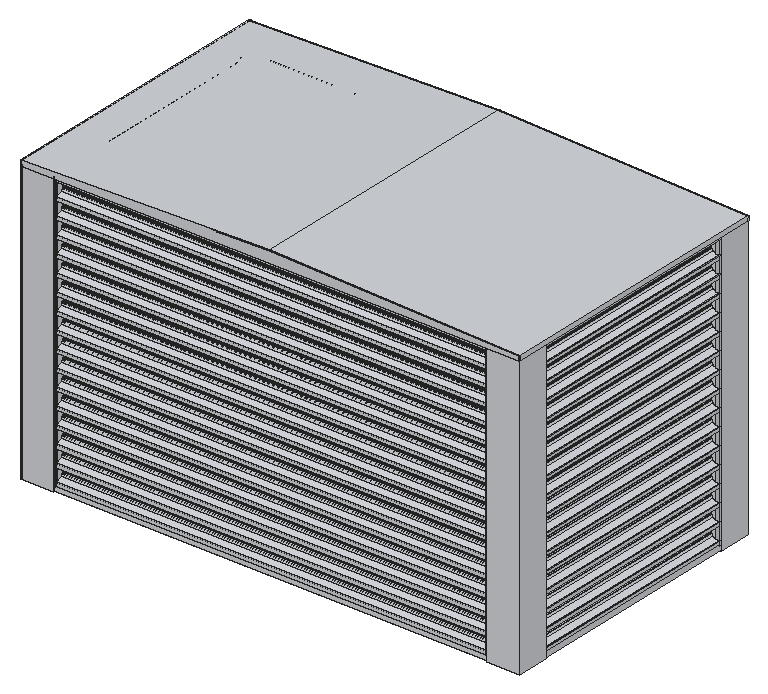
Revit family "PFL-D-4", category Mechanical Equipment, Revit 2015
Parameters
  URL = "https://unitedenertech.com/catalog/pdf/B_2%20PFL-D-4.pdf"
  Type Comments = "Louvers will split to Multi Section Assemblies if Max. Sizes are Exceeded. See FL-D-4 Submittal for Max. Size Listings."
  Model = "PFL-D-4"
  Manufacturer = "United Enertech Corporation"
  Louver Height [instance] = Height  # 4' - 0"
  Louver B Width [instance] = B + 0' 3"  # 3' - 3"
  Louver A Width [instance] = A + 0' 3"  # 6' - 3"
  Keynote = "Max. Preassembled Size is 72\"w x 220\"l x 80\"h"
  Height = 4' - 0"
  Description = "4\" Deep Drainable Louvered Penthouse"
  B Roof [instance] = B Side O.D. + 0' 0 1/4"  # 4' - 0 1/4"
  B Side O.D. [instance] = Louver B Width + 0' 9"  # 4' - 0"
  B = 3' - 0"
  A Roof [instance] = A Side O.D. + 0' 0 1/4"  # 7' - 0 1/4"
  A Side O.D. [instance] = Louver A Width + 0' 9"  # 7' - 0"
  A = 6' - 0"
Reference planes (in)
  plane 1 "Center (Front/Back)": y = 0
  plane 2: z = 0
  plane 3 "Center (Left/Right)": x = 0
  plane 4: x = -42
  plane 5: y = 24
  plane 6: x = 42
  plane 7: y = -24
  plane 8: z = 18
  plane 9: z = 66.22
  plane 10: z = 18.22
  plane 11: y = 18
  plane 12: y = -18
  plane 13: x = -36
  plane 14: x = 36
Forms (in)
  Extrusion 1, solid
    sketch origin (39.9625, 19.9659, 0) x (1, 0, 0) y (0, 1, 0)
      loop
        line (-82.0525, -1.3759) -> (-81.9625, -1.3759) -> (-81.9625, 4.0341) -> (-76.5525, 4.0341) -> (-76.5525, 4.1241) -> (-82.0525, 4.1241) -> (-82.0525, -1.3759)
    from 18.22 to 66.22
  Extrusion 2, solid
    sketch origin (-39.9625, 19.9659, 0) x (-1, 0, 0) y (0, -1, 0)
      loop
        line (-82.0525, 1.3759) -> (-82.0525, -4.1241) -> (-76.5525, -4.1241) -> (-76.5525, -4.0341) -> (-81.9625, -4.0341) -> (-81.9625, 1.3759) -> (-82.0525, 1.3759)
    from 18.22 to 66.22
  Extrusion 3, solid
    sketch origin (39.9625, -19.9659, 0) x (1, 0, 0) y (0, 1, 0)
      loop
        line (-82.0525, 1.3759) -> (-82.0525, -4.1241) -> (-76.5525, -4.1241) -> (-76.5525, -4.0341) -> (-81.9625, -4.0341) -> (-81.9625, 1.3759) -> (-82.0525, 1.3759)
    from 18.22 to 66.22
  Extrusion 4, solid
    sketch origin (-39.9625, -19.9659, 0) x (-1, 0, 0) y (0, -1, 0)
      loop
        line (-82.0525, -1.3759) -> (-81.9625, -1.3759) -> (-81.9625, 4.0341) -> (-76.5525, 4.0341) -> (-76.5525, 4.1241) -> (-82.0525, 4.1241) -> (-82.0525, -1.3759)
    from 18.22 to 66.22
Dimensions and locks (in)
  equal spacing: plane 4, plane 3 "Center (Left/Right)", plane 6
  "A Side O.D.": plane 4 to plane 6
  equal spacing: plane 5, plane 1 "Center (Front/Back)", plane 7
  "B Side O.D.": plane 5 to plane 7
  locked: plane 8 to plane 10 at 0.22
  "Height": plane 10 to plane 9
  equal spacing: plane 12, plane 1 "Center (Front/Back)", plane 11
  "B": plane 12 to plane 11
  equal spacing: plane 13, plane 3 "Center (Left/Right)", plane 14
  "A": plane 13 to plane 14
  aligned and locked: level to plane 2
  aligned and locked: plane 10 to Extrusion 1
  aligned and locked: plane 9 to Extrusion 1
  aligned and locked: Extrusion 2 to plane 5
  aligned and locked: plane 7 to Extrusion 3
  aligned and locked: plane 10 to Extrusion 2
  aligned and locked: plane 9 to Extrusion 2
  aligned and locked: plane 10 to Extrusion 3
  aligned and locked: plane 9 to Extrusion 3
  aligned and locked: plane 10 to Extrusion 4
  aligned and locked: plane 9 to Extrusion 4
  aligned and locked: plane 1 "Center (Front/Back)" to nested 1
  aligned and locked: plane 3 "Center (Left/Right)" to nested 1
  aligned and locked: plane 9 to nested 1
  aligned and locked: plane 3 "Center (Left/Right)" to nested 3
  aligned and locked: plane 11 to nested 3
  aligned and locked: nested 4 to plane 12
  aligned and locked: plane 1 "Center (Front/Back)" to nested 2
  aligned and locked: plane 14 to nested 2
  aligned and locked: nested 5 to plane 13
  aligned and locked: nested 4 to plane 8
  aligned and locked: nested 5 to plane 8
  aligned and locked: plane 8 to nested 3
  aligned and locked: plane 8 to nested 2
  aligned and locked: plane 3 "Center (Left/Right)" to nested 6
  aligned and locked: nested 6 to plane 7
  aligned and locked: plane 10 to nested 6
  aligned and locked: nested 8 to plane 3 "Center (Left/Right)"
  aligned and locked: nested 8 to plane 5
  aligned and locked: nested 8 to plane 10
  aligned and locked: plane 1 "Center (Front/Back)" to nested 7
  aligned and locked: plane 4 to nested 7
  aligned and locked: plane 10 to nested 7
  aligned and locked: nested 9 to plane 1 "Center (Front/Back)"
  aligned and locked: nested 9 to plane 6
  aligned and locked: nested 9 to plane 10
Automatic sketch dimensions
  Extrusion 1 sketch curve to plane 4 = 0' - 0"
  Extrusion 1 sketch curve to plane 5 = 0' - 0"
  Extrusion 1 sketch curve to Extrusion 1 sketch curve = 0' - 0.09"
  plane 5 to Extrusion 1 sketch curve = 0' - 0.09"
  Extrusion 2 sketch curve to plane 5 = 0' - 0"
  Extrusion 2 sketch curve to plane 6 = 0' - 0"
  Extrusion 2 sketch curve to Extrusion 2 sketch curve = 0' - 0.09"
  Extrusion 2 sketch curve to plane 5 = 0' - 0.09"
  Extrusion 3 sketch curve to plane 4 = 0' - 0"
  Extrusion 3 sketch curve to plane 7 = 0' - 0"
  Extrusion 3 sketch curve to Extrusion 3 sketch curve = 0' - 0.09"
  plane 7 to Extrusion 3 sketch curve = 0' - 0.09"
  Extrusion 4 sketch curve to plane 6 = 0' - 0"
  Extrusion 4 sketch curve to plane 7 = 0' - 0"
  Extrusion 4 sketch curve to Extrusion 4 sketch curve = 0' - 0.09"
  Extrusion 4 sketch curve to plane 7 = 0' - 0.09"
  Extrusion 3 sketch curve to plane 7 = 0' - 5.41"
  plane 7 to Extrusion 4 sketch curve = 0' - 5.41"
  Extrusion 1 sketch curve to plane 5 = 0' - 5.41"
  plane 5 to Extrusion 2 sketch curve = 0' - 5.41"
  plane 6 to Extrusion 2 sketch curve = 0' - 5.41"
  Extrusion 4 sketch curve to plane 6 = 0' - 5.41"
  Extrusion 1 sketch curve to plane 4 = 0' - 5.41"
  plane 4 to Extrusion 3 sketch curve = 0' - 5.41"
Nested families (in)
  nested 1: "Roof" at (0, 0, 65.72), type "Roof"
    with B 4' - 0 1/4", A 7' - 0 1/4"
  nested 2: "Curb Cap Side 2" at (40.875, 0, -0.21007) x (0, -1, 0) z (0, 0, 1), type "Curb Cap Side 2"
    with Width 3' - 0"
  nested 3: "Curb Cap" at (0, 22.875, -0.21007), type "Curb Cap"
    with Width 6' - 0"
  nested 4: "Curb Cap" at (0, -22.875, -0.21007), type "Curb Cap"
    with Width 6' - 0"
  nested 5: "Curb Cap Side 2" at (-40.875, 0, -0.21007) x (0, -1, 0) z (0, 0, 1), type "Curb Cap Side 2"
    with Width 3' - 0"
  nested 6: "FL-D-4" at (-37.5, -24, 18.22), type "FL-D-4"
    with Number of Blades 16, BW 6' - 1 5/16", Exact Width 6' - 3", Exact Height 4' - 0"
  nested 7: "FL-D-4 S2" at (-42, 19.5, 18.22) x (0, -1, 0) z (0, 0, 1), type "FL-D-4 S2"
    with Number of Blades 16, BW 3' - 1 5/16", Exact Width 3' - 3", Exact Height 4' - 0"
  nested 8: "FL-D-4" at (-37.5, 24, 18.22), type "FL-D-4"
    with Number of Blades 16, BW 6' - 1 5/16", Exact Width 6' - 3", Exact Height 4' - 0"
  nested 9: "FL-D-4 S2" at (42, 19.5, 18.22) x (0, -1, 0) z (0, 0, 1), type "FL-D-4 S2"
    with Number of Blades 16, BW 3' - 1 5/16", Exact Width 3' - 3", Exact Height 4' - 0"
Definition of nested family "Roof"
  Parameters (values of type "Roof")
    B = 6' - 0"
    A = 7' - 0"
  Reference planes (in)
    plane 1 "Center (Front/Back)": y = 0
    plane 2: z = 0
    plane 3 "Center (Left/Right)": x = 0
    plane 4: x = -42
    plane 5: x = 42
    plane 6: y = -36
    plane 7: y = 36
    plane 8: z = 0.5
    plane 9: z = 2
    plane 10: y = -36.05
    plane 11: y = 36.05
    plane 12: x = -42.05
    plane 13: x = 42.05
  Forms (in)
    Extrusion 1, solid
      sketch origin (0, 0, 0) x (-1, 0, 0) y (0, 0, -1)
        loop
          line (42, 0) -> (42, -0.75115) -> (0, -1.94916) -> (-42, -0.75115) -> (-42, 0) -> (-42.05078, 0) -> (-42.05078, -0.79946) -> (0, -2) -> (42.05078, -0.79946) -> (42.05078, 0) -> (42, 0)
      from -36.05 to 36.05
    Extrusion 2, solid
      sketch origin (0, 0, 0) x (1, 0, 0) y (0, 0, 1)
        loop
          line (42, 0) -> (42.05078, 0) -> (42.05078, 0.79946) -> (0, 2) -> (-42.05078, 0.79946) -> (-42.05078, 0) -> (-42, 0) -> (42, 0)
      from -36.05 to -36
    Extrusion 3, solid
      sketch origin (0, 0, 0) x (1, 0, 0) y (0, 0, -1)
        loop
          line (42, 0) -> (-42, 0) -> (-42.05078, 0) -> (-42.05078, -0.79946) -> (0, -2) -> (42.05078, -0.79946) -> (42.05078, 0) -> (42, 0)
      from -36 to -36.05
  Dimensions and locks (in)
    equal spacing: plane 4, plane 3 "Center (Left/Right)", plane 5
    "A": plane 4 to plane 5
    equal spacing: plane 7, plane 1 "Center (Front/Back)", plane 6
    "B": plane 7 to plane 6
    locked: plane 8 to level at 0.5
    locked: plane 9 to plane 8 at 1.5
    locked: plane 10 to plane 6 at 0.05
    locked: plane 11 to plane 7 at 0.05
    locked: plane 12 to plane 4 at 0.05
    locked: plane 5 to plane 13 at 0.05
    aligned and locked: level to plane 2
    aligned and locked: plane 10 to Extrusion 1
    aligned and locked: Extrusion 1 to plane 11
    aligned and locked: Extrusion 2 to plane 11
    aligned and locked: Extrusion 2 to plane 7
    aligned and locked: plane 10 to Extrusion 3
    aligned and locked: plane 6 to Extrusion 3
  Automatic sketch dimensions
    Extrusion 1 sketch curve to level = 0' - 0"  (x2)
    Extrusion 1 sketch curve to plane 5 = 0' - 0"
    Extrusion 1 sketch curve to plane 3 "Center (Left/Right)" = 0' - 0"  (x2)
    Extrusion 1 sketch curve to plane 4 = 0' - 0"
    Extrusion 1 sketch curve to plane 9 = 0' - 0"
    Extrusion 1 sketch curve to plane 13 = 0' - 0.00078"
    Extrusion 1 sketch curve to plane 12 = 0' - 0.00078"
    Extrusion 1 sketch curve to Extrusion 1 sketch curve = 0' - 0.05084"
    plane 8 to Extrusion 1 sketch curve = 0' - 0.29946"  (x2)
    Extrusion 1 sketch curve to Extrusion 1 sketch curve = 0' - 0.04831"  (x2)
    Extrusion 2 sketch curve to level = 0' - 0"
    Extrusion 2 sketch curve to plane 4 = 0' - 0"
    Extrusion 2 sketch curve to plane 3 "Center (Left/Right)" = 0' - 0"
    Extrusion 2 sketch curve to plane 5 = 0' - 0"
    Extrusion 2 sketch curve to plane 9 = 0' - 0"
    Extrusion 2 sketch curve to plane 12 = 0' - 0.00078"
    Extrusion 2 sketch curve to plane 13 = 0' - 0.00078"
    plane 8 to Extrusion 2 sketch curve = 0' - 0.29946"  (x2)
    Extrusion 3 sketch curve to level = 0' - 0"
    Extrusion 3 sketch curve to plane 4 = 0' - 0"
    Extrusion 3 sketch curve to plane 3 "Center (Left/Right)" = 0' - 0"
    Extrusion 3 sketch curve to plane 5 = 0' - 0"
    Extrusion 3 sketch curve to plane 9 = 0' - 0"
    Extrusion 3 sketch curve to plane 12 = 0' - 0.00078"
    Extrusion 3 sketch curve to plane 13 = 0' - 0.00078"
    plane 8 to Extrusion 3 sketch curve = 0' - 0.29946"  (x2)
Definition of nested family "Curb Cap Side 2"
  Parameters (values of type "Curb Cap Side 2")
    Width = 5' - 0"
    C = 1' - 6"
  Reference planes (in)
    plane 1 "Center (Front/Back)": y = 0
    plane 2: z = 0
    plane 3 "Center (Left/Right)": x = 0
    plane 4: x = -30
    plane 5: x = 30
    plane 6: x = 33
    plane 7: x = -33
  Forms (in)
    Extrusion 1, solid
      sketch origin (0, -0.3745, -0.23056) x (0, 1, 0) y (0, 0, 1)
        loop
          line (-4.5005, 18.44062) -> (-4.5005, 21.44062) -> (-4.6051, 21.44062) -> (-4.6051, 18.33516) -> (-2.35597, 18.33516) -> (-2.35597, 16.33516) -> (-2.2505, 16.33516) -> (-2.2505, 18.44062) -> (-4.5005, 18.44062)
      from -33 to 33
    Extrusion 2, void
      sketch origin (0, -4.875, 0) x (1, 0, 0) y (0, 1, 0)
        loop
          line (-33, 3) -> (-33, -10.08148) -> (-19.91852, -10.08148) -> (-33, 3)
      from 0 to 87.42667
    Extrusion 3, void
      sketch origin (0, -4.875, 0) x (-1, 0, 0) y (0, -1, 0)
        loop
          line (-33, -3) -> (-19.91852, 10.08148) -> (-33, 10.08148) -> (-33, -3)
      from 0 to 87.42667
  Cuts and joins
    Extrusion 2, Extrusion 3 cuts Extrusion 1
  Dimensions and locks (in)
    equal spacing: plane 4, plane 3 "Center (Left/Right)", plane 5
    "Width": plane 4 to plane 5
    locked: plane 5 to plane 6 at 3
    locked: plane 7 to plane 4 at 3
    angle Extrusion 2 sketch curve to Extrusion 2 sketch curve = 45.00°
    angle Extrusion 3 sketch curve to Extrusion 3 sketch curve = 45.00°
    aligned and locked: level to plane 2
    aligned and locked: plane 7 to Extrusion 2 sketch curve
    aligned and locked: Extrusion 3 sketch curve to plane 6
    aligned and locked: cut or joined group of Extrusion 1, Extrusion 2, Extrusion 3 to plane 7
    aligned and locked: cut or joined group of Extrusion 1, Extrusion 2, Extrusion 3 to plane 6
  Automatic sketch dimensions
    plane 4 to Extrusion 2 sketch curve = 0' - 10.08148"
    plane 1 "Center (Front/Back)" to Extrusion 2 sketch curve = 1' - 2.95648"
    plane 5 to Extrusion 3 sketch curve = 0' - 10.08148"
    Extrusion 3 sketch curve to plane 1 "Center (Front/Back)" = 1' - 2.95648"
    plane 1 "Center (Front/Back)" to Extrusion 1 sketch curve = 0' - 4.9796"
    Extrusion 1 sketch curve to Extrusion 1 sketch curve = 0' - 0.1046"
    Extrusion 1 sketch curve to Extrusion 1 sketch curve = 0' - 2 37/256"
    Extrusion 1 sketch curve to Extrusion 1 sketch curve = 0' - 0 27/256"  (x2)
    level to Extrusion 1 sketch curve = 1' - 6.1046"
    Extrusion 1 sketch curve to Extrusion 1 sketch curve = 0' - 3"
    Extrusion 1 sketch curve to Extrusion 1 sketch curve = 0' - 2"
Definition of nested family "Curb Cap"
  Parameters (values of type "Curb Cap")
    Width = 5' - 0"
    C = 1' - 6"
  Reference planes (in)
    plane 1 "Center (Front/Back)": y = 0
    plane 2: z = 0
    plane 3 "Center (Left/Right)": x = 0
    plane 4: x = -30
    plane 5: x = 30
    plane 6: x = 33
    plane 7: x = -33
  Forms (in)
    Extrusion 1, solid
      sketch origin (0, -0.3745, -0.23056) x (0, 1, 0) y (0, 0, 1)
        loop
          line (-4.5005, 18.44062) -> (-4.5005, 21.44062) -> (-4.6051, 21.44062) -> (-4.6051, 18.33516) -> (-2.35597, 18.33516) -> (-2.35597, 16.33516) -> (-2.2505, 16.33516) -> (-2.2505, 18.44062) -> (-4.5005, 18.44062)
      from -33 to 33
    Extrusion 2, void
      sketch origin (0, -4.875, 0) x (1, 0, 0) y (0, 1, 0)
        loop
          line (-33, 3) -> (-33, -10.08148) -> (-19.91852, -10.08148) -> (-33, 3)
      from 0 to 87.42667
    Extrusion 3, void
      sketch origin (0, -4.875, 0) x (-1, 0, 0) y (0, -1, 0)
        loop
          line (-33, -3) -> (-19.91852, 10.08148) -> (-33, 10.08148) -> (-33, -3)
      from 0 to 87.42667
  Cuts and joins
    Extrusion 2, Extrusion 3 cuts Extrusion 1
  Dimensions and locks (in)
    equal spacing: plane 4, plane 3 "Center (Left/Right)", plane 5
    "Width": plane 4 to plane 5
    locked: plane 5 to plane 6 at 3
    locked: plane 7 to plane 4 at 3
    angle Extrusion 2 sketch curve to Extrusion 2 sketch curve = 45.00°
    angle Extrusion 3 sketch curve to Extrusion 3 sketch curve = 45.00°
    aligned and locked: level to plane 2
    aligned and locked: plane 7 to Extrusion 2 sketch curve
    aligned and locked: Extrusion 3 sketch curve to plane 6
    aligned and locked: cut or joined group of Extrusion 1, Extrusion 2, Extrusion 3 to plane 7
    aligned and locked: cut or joined group of Extrusion 1, Extrusion 2, Extrusion 3 to plane 6
  Automatic sketch dimensions
    plane 4 to Extrusion 2 sketch curve = 0' - 10.08148"
    plane 1 "Center (Front/Back)" to Extrusion 2 sketch curve = 1' - 2.95648"
    plane 5 to Extrusion 3 sketch curve = 0' - 10.08148"
    Extrusion 3 sketch curve to plane 1 "Center (Front/Back)" = 1' - 2.95648"
    plane 1 "Center (Front/Back)" to Extrusion 1 sketch curve = 0' - 4.9796"
    Extrusion 1 sketch curve to Extrusion 1 sketch curve = 0' - 0.1046"
    Extrusion 1 sketch curve to Extrusion 1 sketch curve = 0' - 2 37/256"
    Extrusion 1 sketch curve to Extrusion 1 sketch curve = 0' - 0 27/256"  (x2)
    level to Extrusion 1 sketch curve = 1' - 6.1046"
    Extrusion 1 sketch curve to Extrusion 1 sketch curve = 0' - 3"
    Extrusion 1 sketch curve to Extrusion 1 sketch curve = 0' - 2"
Definition of nested family "FL-D-4"
  Parameters (values of type "FL-D-4")
    URL = "http://unitedenertech.com/catalog/pdf/A_2%20FL-D-4.pdf"
    Type Comments = "Max. Single Section Size is (120\"w  x  84\"h) or (84\"w  x  120\"h)"
    Number of Blades [instance] = rounddown((Exact Height - 0' 1 3/4") / Blade Spacing)  # 11
    Model = "FL-D-4"
    Manufacturer = "United Enertech Corporation"
    Exact Width = 3' - 0"
    Exact Height = 3' - 0"
    Description = "High Performance 4\" Fixed Louver"
    Depth = 0' - 4.162"
    Blade Spacing = 0' - 2.88"
    BW [instance] = Exact Width - 0' 1 11/16"  # 2' - 10 5/16"
  Reference planes (in)
    plane 1 "Center (Front/Back)": y = 0
    plane 2: z = 0
    plane 3 "Center (Left/Right)": x = 0
    plane 4: x = 36
    plane 5: y = 4.162
    plane 6: z = 36
    plane 7: x = 18
    plane 8: x = 0.834
    plane 9: x = 35.166
    plane 10: z = 35.125
    plane 11: z = 0.875
  Forms (in)
    Extrusion 1, solid
      sketch origin (0, 5.41283, 10.13547) x (0, 0, -1) y (0, 1, 0)
        loop
          line (10.13547, -4.83183) -> (9.81047, -4.83183) -> (9.81047, -5.33183) -> (9.34147, -5.33183) -> (9.34147, -1.33183) -> (10.05447, -1.33183) -> (10.05447, -1.43883) -> (10.13547, -1.43883) -> (10.13547, -1.25083) -> (6.46047, -1.25083) -> (6.46047, -1.33183) -> (9.26047, -1.33183) -> (9.26047, -5.41283) -> (10.06047, -5.41283) -> (10.06047, -5.19483) -> (9.97947, -5.19483) -> (9.97947, -5.33183) -> (9.89147, -5.33183) -> (9.89147, -4.91283) -> (9.97947, -4.91283) -> (9.97947, -4.97583) -> (10.06047, -4.97583) -> (10.06047, -4.91283) -> (10.13547, -4.91283) -> (10.13547, -4.83183)
      from 0 to 36
    Extrusion 2, solid
      sketch origin (0, -23.24382, 44.20622) x (0, 1, 0) y (0, 0, 1)
        loop
          line (23.74382, -8.20622) -> (23.74382, -8.28122) -> (23.68082, -8.28122) -> (23.68082, -8.36222) -> (23.74382, -8.36222) -> (23.74382, -8.45022) -> (23.32482, -8.45022) -> (23.32482, -8.36222) -> (23.46182, -8.36222) -> (23.46182, -8.28122) -> (23.24382, -8.28122) -> (23.24382, -9.08122) -> (27.32482, -9.08122) -> (27.32482, -9.33122) -> (27.40582, -9.33122) -> (27.40582, -8.20622) -> (27.21782, -8.20622) -> (27.21782, -8.28722) -> (27.32482, -8.28722) -> (27.32482, -9.00022) -> (23.32482, -9.00022) -> (23.32482, -8.53122) -> (23.82482, -8.53122) -> (23.82482, -8.20622) -> (23.74382, -8.20622)
      from 0 to 36
    Extrusion 3, solid
      sketch origin (-8.88505, 11.19335, 0) x (1, 0, 0) y (0, 1, 0)
        loop
          line (10.01005, -11.11235) -> (9.71905, -11.11235) -> (9.71905, -11.00535) -> (9.63805, -11.00535) -> (9.63805, -11.11235) -> (9.18105, -11.11235) -> (9.18105, -10.61235) -> (9.01205, -10.61235) -> (9.01205, -10.27435) -> (9.71905, -10.27435) -> (9.71905, -7.16235) -> (10.01005, -7.16235) -> (10.01005, -7.11235) -> (8.88505, -7.11235) -> (8.88505, -7.30035) -> (8.96605, -7.30035) -> (8.96605, -7.19335) -> (9.63805, -7.19335) -> (9.63805, -10.19335) -> (8.93105, -10.19335) -> (8.93105, -10.61235) -> (8.88505, -10.61235) -> (8.88505, -10.69335) -> (8.93105, -10.69335) -> (8.93105, -10.75535) -> (9.01205, -10.75535) -> (9.01205, -10.69335) -> (9.10005, -10.69335) -> (9.10005, -11.11235) -> (9.01205, -11.11235) -> (9.01205, -10.97435) -> (8.93105, -10.97435) -> (8.93105, -11.19335) -> (10.01005, -11.19335) -> (10.01005, -11.11235)
      from 0.875 to 35.125
    Extrusion 4, solid
      sketch origin (58.3602, 6.89713, 0) x (-1, 0, 0) y (0, -1, 0)
        loop
          line (23.4852, 2.81613) -> (23.4852, 2.86613) -> (23.1942, 2.86613) -> (23.1942, 5.97813) -> (22.4872, 5.97813) -> (22.4872, 6.31613) -> (22.6562, 6.31613) -> (22.6562, 6.81613) -> (23.1132, 6.81613) -> (23.1132, 6.70913) -> (23.1942, 6.70913) -> (23.1942, 6.81613) -> (23.4852, 6.81613) -> (23.4852, 6.89713) -> (22.4062, 6.89713) -> (22.4062, 6.67813) -> (22.4872, 6.67813) -> (22.4872, 6.81613) -> (22.5752, 6.81613) -> (22.5752, 6.39713) -> (22.4872, 6.39713) -> (22.4872, 6.45913) -> (22.4062, 6.45913) -> (22.4062, 6.39713) -> (22.3602, 6.39713) -> (22.3602, 6.31613) -> (22.4062, 6.31613) -> (22.4062, 5.89713) -> (23.1132, 5.89713) -> (23.1132, 2.89713) -> (22.4412, 2.89713) -> (22.4412, 3.00413) -> (22.3602, 3.00413) -> (22.3602, 2.81613) -> (23.4852, 2.81613)
      from 0.875 to 35.125
  Dimensions and locks (in)
    "Exact Width": plane 3 "Center (Left/Right)" to plane 4
    "Depth": plane 5 to plane 1 "Center (Front/Back)"  (x2)
    "Exact Width": plane 4 to plane 3 "Center (Left/Right)"
    equal spacing: plane 3 "Center (Left/Right)", plane 7, plane 4
    locked: plane 3 "Center (Left/Right)" to plane 8 at 0.834
    locked: plane 9 to plane 4 at 0.834
    "Exact Height": plane 6 to level
    locked: plane 11 to level at 0.875
    locked: plane 6 to plane 10 at 0.875
    equal spacing: group 1, group 2, group 3, group 4, group 5, group 6, group 7, group 8, group 9, group 10, group 11  (x2)
    equal spacing: group 11, group 10, group 9, group 8, group 7, group 6, group 5, group 4, group 3, group 2, group 1
    "Blade Spacing": nested 2 to nested 1
    aligned and locked: level to plane 2
    aligned and locked: level to Extrusion 1
    aligned and locked: plane 5 to Extrusion 1
    aligned and locked: plane 4 to Extrusion 1
    aligned and locked: Extrusion 1 to plane 3 "Center (Left/Right)"
    aligned and locked: plane 6 to Extrusion 2  (x2)
    aligned and locked: Extrusion 2 to plane 3 "Center (Left/Right)"
    aligned and locked: plane 4 to Extrusion 2
    aligned and locked: Extrusion 3 to plane 11
    aligned and locked: plane 10 to Extrusion 3
    aligned and locked: Extrusion 3 to Extrusion 3  (x3)
    aligned and locked: Extrusion 4 to plane 11
    aligned and locked: plane 10 to Extrusion 4
    aligned and locked: plane 4 to Extrusion 4
    aligned and locked: Extrusion 3 to Extrusion 2
    aligned and locked: Extrusion 4 to Extrusion 2
    aligned and locked: Extrusion 2 to plane 10
    aligned and locked: nested 1 to Extrusion 2
    aligned and locked: plane 7 to nested 1
    aligned and locked: nested 2 to nested 1
  Automatic sketch dimensions
    Extrusion 1 sketch curve to plane 5 = 0' - 0"
    plane 11 to Extrusion 1 sketch curve = 0' - 0"
    Extrusion 1 sketch curve to plane 1 "Center (Front/Back)" = 0' - 0"
    Extrusion 1 sketch curve to level = 0' - 0"  (x2)
    plane 11 to Extrusion 1 sketch curve = 0' - 2.8"
    Extrusion 1 sketch curve to Extrusion 1 sketch curve = 0' - 0.081"  (x3)
    level to Extrusion 1 sketch curve = 0' - 0.325"
    Extrusion 1 sketch curve to Extrusion 1 sketch curve = 0' - 0.088"  (x2)
    level to Extrusion 1 sketch curve = 0' - 0.081"
    level to Extrusion 1 sketch curve = 0' - 0.075"  (x2)
    Extrusion 1 sketch curve to plane 1 "Center (Front/Back)" = 0' - 0.081"  (x2)
    Extrusion 1 sketch curve to Extrusion 1 sketch curve = 0' - 0.137"
    Extrusion 1 sketch curve to Extrusion 1 sketch curve = 0' - 0.219"
    Extrusion 1 sketch curve to Extrusion 1 sketch curve = 0' - 0.063"  (x2)
    Extrusion 1 sketch curve to plane 5 = 0' - 0.188"
    Extrusion 1 sketch curve to plane 5 = 0' - 0.081"
    Extrusion 1 sketch curve to Extrusion 1 sketch curve = 0' - 0"
    Extrusion 2 sketch curve to plane 1 "Center (Front/Back)" = 0' - 0"
    Extrusion 2 sketch curve to plane 6 = 0' - 0"  (x2)
    plane 10 to Extrusion 2 sketch curve = 0' - 0"
    Extrusion 2 sketch curve to plane 5 = 0' - 0"
    Extrusion 2 sketch curve to plane 1 "Center (Front/Back)" = 0' - 0.081"  (x2)
    Extrusion 2 sketch curve to Extrusion 2 sketch curve = 0' - 0.137"
    Extrusion 2 sketch curve to plane 6 = 0' - 0.075"  (x2)
    Extrusion 2 sketch curve to Extrusion 2 sketch curve = 0' - 0.219"
    Extrusion 2 sketch curve to Extrusion 2 sketch curve = 0' - 0.063"  (x2)
    Extrusion 2 sketch curve to Extrusion 2 sketch curve = 0' - 0.081"  (x3)
    Extrusion 2 sketch curve to plane 5 = 0' - 0.188"
    Extrusion 2 sketch curve to plane 5 = 0' - 0.081"
    Extrusion 2 sketch curve to Extrusion 2 sketch curve = 0' - 0"
    Extrusion 2 sketch curve to Extrusion 2 sketch curve = 0' - 0 1/4"  (x2)
    plane 10 to Extrusion 2 sketch curve = 0' - 0.081"
    Extrusion 2 sketch curve to Extrusion 2 sketch curve = 0' - 0.088"
    Extrusion 2 sketch curve to plane 6 = 0' - 0.081"
    Extrusion 3 sketch curve to plane 3 "Center (Left/Right)" = 0' - 0"  (x2)
    plane 1 "Center (Front/Back)" to Extrusion 3 sketch curve = 0' - 0"
    Extrusion 3 sketch curve to plane 8 = 0' - 0"  (x2)
    Extrusion 3 sketch curve to Extrusion 3 sketch curve = 0' - 0.046"  (x2)
    plane 3 "Center (Left/Right)" to Extrusion 3 sketch curve = 0' - 0.046"
    plane 3 "Center (Left/Right)" to Extrusion 3 sketch curve = 0' - 0.081"
    Extrusion 3 sketch curve to Extrusion 3 sketch curve = 0' - 0.081"  (x8)
    Extrusion 3 sketch curve to Extrusion 3 sketch curve = 0' - 0.088"
    plane 8 to Extrusion 3 sketch curve = 0' - 0.081"
    Extrusion 3 sketch curve to plane 1 "Center (Front/Back)" = 0' - 0.081"  (x3)
    Extrusion 3 sketch curve to plane 8 = 0' - 0.291"  (x2)
    Extrusion 3 sketch curve to plane 5 = 0' - 0.131"
    Extrusion 3 sketch curve to Extrusion 3 sketch curve = 0' - 0.107"  (x2)
    Extrusion 3 sketch curve to Extrusion 3 sketch curve = 0' - 0.138"
    Extrusion 3 sketch curve to Extrusion 3 sketch curve = 0' - 0.219"
    Extrusion 3 sketch curve to Extrusion 3 sketch curve = 0' - 0.062"  (x2)
    Extrusion 3 sketch curve to Extrusion 3 sketch curve = 0' - 0.338"
    Extrusion 3 sketch curve to plane 5 = 0' - 0.269"
    Extrusion 3 sketch curve to plane 5 = 0' - 0.081"
    plane 1 "Center (Front/Back)" to Extrusion 4 sketch curve = 0' - 4.081"
    Extrusion 4 sketch curve to plane 7 = 1' - 6"
    Extrusion 4 sketch curve to Extrusion 4 sketch curve = 0' - 0"  (x4)
    Extrusion 4 sketch curve to Extrusion 4 sketch curve = 0' - 0.046"  (x3)
    Extrusion 4 sketch curve to Extrusion 4 sketch curve = 0' - 0.081"  (x10)
    Extrusion 4 sketch curve to Extrusion 4 sketch curve = 0' - 0.088"
    Extrusion 4 sketch curve to Extrusion 4 sketch curve = 0' - 0.457"  (x2)
    Extrusion 4 sketch curve to Extrusion 4 sketch curve = 0' - 0.291"  (x2)
    Extrusion 4 sketch curve to Extrusion 4 sketch curve = 0' - 0.05"
    Extrusion 4 sketch curve to Extrusion 4 sketch curve = 0' - 0.031"
    Extrusion 4 sketch curve to Extrusion 4 sketch curve = 0' - 0.107"  (x2)
    Extrusion 4 sketch curve to Extrusion 4 sketch curve = 0' - 2.893"
    Extrusion 4 sketch curve to Extrusion 4 sketch curve = 0' - 0.338"
    Extrusion 4 sketch curve to Extrusion 4 sketch curve = 0' - 0.062"
    Extrusion 4 sketch curve to Extrusion 4 sketch curve = 0' - 0.219"
    Extrusion 4 sketch curve to Extrusion 4 sketch curve = 0' - 0.393"
    Extrusion 4 sketch curve to Extrusion 4 sketch curve = 0' - 0.138"
  Nested families (in)
    nested 1: "FL-D-4 Blade" at (18, 0.3493, 15.61688), type "FL-D-4 Blade"
      with Blade Width 2' - 10 5/16"
    nested 2: "FL-D-4 Blade" at (18, 0.3493, 12.73688), type "FL-D-4 Blade"
      with Blade Width 2' - 10 5/16"
    nested 3: "FL-D-4 Blade" at (18, 0.3493, 9.85688), type "FL-D-4 Blade"
      with Blade Width 2' - 10 5/16"
    nested 4: "FL-D-4 Blade" at (18, 0.3493, 6.97688), type "FL-D-4 Blade"
      with Blade Width 2' - 10 5/16"
    nested 5: "FL-D-4 Blade" at (18, 0.3493, 4.09688), type "FL-D-4 Blade"
      with Blade Width 2' - 10 5/16"
    nested 6: "FL-D-4 Blade" at (18, 0.3493, 1.21688), type "FL-D-4 Blade"
      with Blade Width 2' - 10 5/16"
    nested 7: "FL-D-4 Blade" at (18, 0.3493, -1.66312), type "FL-D-4 Blade"
      with Blade Width 2' - 10 5/16"
    nested 8: "FL-D-4 Blade" at (18, 0.3493, -4.54312), type "FL-D-4 Blade"
      with Blade Width 2' - 10 5/16"
    nested 9: "FL-D-4 Blade" at (18, 0.3493, -7.42312), type "FL-D-4 Blade"
      with Blade Width 2' - 10 5/16"
    nested 10: "FL-D-4 Blade" at (18, 0.3493, -10.30312), type "FL-D-4 Blade"
      with Blade Width 2' - 10 5/16"
    nested 11: "FL-D-4 Blade" at (18, 0.3493, -13.18312), type "FL-D-4 Blade"
      with Blade Width 2' - 10 5/16"
  Definition of nested family "FL-D-4 Blade"
    Parameters (values of type "FL-D-4 Blade")
      Blade Width = 4' - 6.19815"
    Reference planes (in)
      plane 1 "Center (Front/Back)": y = 0
      plane 2: z = 0
      plane 3 "Center (Left/Right)": x = 0
      plane 4: x = -27.09907
      plane 5: x = 27.09907
    Forms (in)
      Extrusion 1, solid
        sketch origin (-11.24135, 0, 24.75865) x (0, 0, -1) y (0, 1, 0)
          loop
            line (5.33614, 3.35356) -> (5.33614, 3.53626) -> (6.62642, 2.30569) -> (6.7468, 1.60406) -> (6.76429, 1.54071) -> (6.81533, 1.45231) -> (6.86923, 1.39922) -> (6.94907, 1.35312) -> (7.47705, 1.13985) -> (8.13612, -0.1873) -> (7.75527, -0.1873) -> (7.88248, -0.04929) -> (7.82292, 0.00561) -> (7.57046, -0.2683) -> (8.26678, -0.2683) -> (7.53854, 1.20237) -> (7.18055, 1.34698) -> (7.29039, 1.41039) -> (7.32267, 1.44268) -> (7.38609, 1.55251) -> (7.39841, 1.59925) -> (7.40403, 1.66003) -> (7.39045, 1.75389) -> (7.35969, 1.82553) -> (7.31418, 1.88677) -> (7.29077, 1.91167) -> (7.23064, 1.8693) -> (7.25517, 1.83128) -> (7.30413, 1.75539) -> (7.32085, 1.69299) -> (7.32085, 1.62706) -> (7.30413, 1.56467) -> (7.27117, 1.50757) -> (7.22549, 1.4619) -> (7.1684, 1.42893) -> (7.106, 1.41221) -> (7.04007, 1.41221) -> (6.97767, 1.42893) -> (6.92058, 1.4619) -> (6.8749, 1.50757) -> (6.84194, 1.56467) -> (6.82522, 1.62706) -> (6.82522, 1.69299) -> (6.84194, 1.75539) -> (6.8749, 1.81249) -> (6.92058, 1.85816) -> (6.99971, 1.90121) -> (6.97998, 1.97485) -> (6.93893, 1.96265) -> (6.87801, 1.92748) -> (6.81171, 1.86318) -> (6.78995, 1.83157) -> (6.70172, 2.34581) -> (5.25053, 3.72984) -> (5.25053, 3.35356) -> (5.33614, 3.35356)
        from -15.85773 to 38.34042
    Dimensions and locks (in)
      equal spacing: plane 5, plane 3 "Center (Left/Right)", plane 4
      "Blade Width": plane 5 to plane 4
      aligned and locked: level to plane 2
      aligned and locked: plane 5 to Extrusion 1
      aligned and locked: Extrusion 1 to plane 4
    Automatic sketch dimensions
      Extrusion 1 sketch curve to plane 1 "Center (Front/Back)" = 0' - 3.35356"
      level to Extrusion 1 sketch curve = 1' - 7.50812"
      Extrusion 1 sketch curve to Extrusion 1 sketch curve = 0' - 0.08561"
      Extrusion 1 sketch curve to plane 1 "Center (Front/Back)" = 0' - 2.30569"
      Extrusion 1 sketch curve to Extrusion 1 sketch curve = 0' - 1.29028"
      Extrusion 1 sketch curve to plane 1 "Center (Front/Back)" = 0' - 2.34581"
      Extrusion 1 sketch curve to Extrusion 1 sketch curve = 0' - 0.0753"
      Extrusion 1 sketch curve to plane 1 "Center (Front/Back)" = 0' - 1.60406"
      Extrusion 1 sketch curve to Extrusion 1 sketch curve = 0' - 0.12038"
      Extrusion 1 sketch curve to plane 1 "Center (Front/Back)" = 0' - 1.54071"
      Extrusion 1 sketch curve to Extrusion 1 sketch curve = 0' - 0.01749"
      Extrusion 1 sketch curve to plane 1 "Center (Front/Back)" = 0' - 1.83157"
      Extrusion 1 sketch curve to Extrusion 1 sketch curve = 0' - 0.04315"
      Extrusion 1 sketch curve to plane 1 "Center (Front/Back)" = 0' - 1.86318"
      Extrusion 1 sketch curve to Extrusion 1 sketch curve = 0' - 0.02176"
      Extrusion 1 sketch curve to plane 1 "Center (Front/Back)" = 0' - 1.45231"
      Extrusion 1 sketch curve to Extrusion 1 sketch curve = 0' - 0.05104"
      Extrusion 1 sketch curve to Extrusion 1 sketch curve = 0' - 0.07842"
      Extrusion 1 sketch curve to plane 1 "Center (Front/Back)" = 0' - 1.75539"  (x2)
      Extrusion 1 sketch curve to Extrusion 1 sketch curve = 0' - 0.01672"  (x3)
      Extrusion 1 sketch curve to plane 1 "Center (Front/Back)" = 0' - 1.56467"  (x2)
      Extrusion 1 sketch curve to plane 1 "Center (Front/Back)" = 0' - 1.39922"
      Extrusion 1 sketch curve to Extrusion 1 sketch curve = 0' - 0.0539"
      Extrusion 1 sketch curve to plane 1 "Center (Front/Back)" = 0' - 1 13/16"
      Extrusion 1 sketch curve to Extrusion 1 sketch curve = 0' - 0.03296"  (x3)
      Extrusion 1 sketch curve to plane 1 "Center (Front/Back)" = 0' - 1.50757"  (x2)
      Extrusion 1 sketch curve to plane 1 "Center (Front/Back)" = 0' - 1.92748"
      Extrusion 1 sketch curve to Extrusion 1 sketch curve = 0' - 0.06631"
      Extrusion 1 sketch curve to plane 1 "Center (Front/Back)" = 0' - 1.85816"
      Extrusion 1 sketch curve to Extrusion 1 sketch curve = 0' - 0.04568"  (x3)
      Extrusion 1 sketch curve to plane 1 "Center (Front/Back)" = 0' - 1.4619"  (x2)
      Extrusion 1 sketch curve to plane 1 "Center (Front/Back)" = 0' - 1.96265"
      Extrusion 1 sketch curve to Extrusion 1 sketch curve = 0' - 0.06091"
      Extrusion 1 sketch curve to plane 1 "Center (Front/Back)" = 0' - 1.35312"
      Extrusion 1 sketch curve to Extrusion 1 sketch curve = 0' - 0.07984"
      Extrusion 1 sketch curve to plane 1 "Center (Front/Back)" = 0' - 1.42893"  (x2)
      Extrusion 1 sketch curve to Extrusion 1 sketch curve = 0' - 0.0571"  (x2)
      Extrusion 1 sketch curve to plane 1 "Center (Front/Back)" = 0' - 1.97485"
      Extrusion 1 sketch curve to Extrusion 1 sketch curve = 0' - 0.04106"
      Extrusion 1 sketch curve to plane 1 "Center (Front/Back)" = 0' - 1.90121"
      Extrusion 1 sketch curve to Extrusion 1 sketch curve = 0' - 0.01973"
      Extrusion 1 sketch curve to plane 1 "Center (Front/Back)" = 0' - 1.41221"
      Extrusion 1 sketch curve to Extrusion 1 sketch curve = 0' - 0.0624"  (x5)
      Extrusion 1 sketch curve to Extrusion 1 sketch curve = 0' - 0.06593"
      Extrusion 1 sketch curve to plane 1 "Center (Front/Back)" = 0' - 1.34698"
      Extrusion 1 sketch curve to Extrusion 1 sketch curve = 0' - 0.01215"
      Extrusion 1 sketch curve to plane 1 "Center (Front/Back)" = 0' - 1.8693"
      Extrusion 1 sketch curve to Extrusion 1 sketch curve = 0' - 0.23092"
      Extrusion 1 sketch curve to plane 1 "Center (Front/Back)" = 0' - 1.83128"
      Extrusion 1 sketch curve to Extrusion 1 sketch curve = 0' - 0.02453"
      Extrusion 1 sketch curve to plane 1 "Center (Front/Back)" = 0' - 1.41039"
      Extrusion 1 sketch curve to Extrusion 1 sketch curve = 0' - 0.0649"
      Extrusion 1 sketch curve to plane 1 "Center (Front/Back)" = 0' - 1.91167"
      Extrusion 1 sketch curve to Extrusion 1 sketch curve = 0' - 0.06013"
      Extrusion 1 sketch curve to Extrusion 1 sketch curve = 0' - 0.04897"
      Extrusion 1 sketch curve to plane 1 "Center (Front/Back)" = 0' - 1.88677"
      Extrusion 1 sketch curve to Extrusion 1 sketch curve = 0' - 0.02341"
      Extrusion 1 sketch curve to plane 1 "Center (Front/Back)" = 0' - 1.69299"
      Extrusion 1 sketch curve to plane 1 "Center (Front/Back)" = 0' - 1.44268"
      Extrusion 1 sketch curve to Extrusion 1 sketch curve = 0' - 0.03228"
      Extrusion 1 sketch curve to plane 1 "Center (Front/Back)" = 0' - 1.82553"
      Extrusion 1 sketch curve to Extrusion 1 sketch curve = 0' - 0.04551"
      Extrusion 1 sketch curve to plane 1 "Center (Front/Back)" = 0' - 1.55251"
      Extrusion 1 sketch curve to Extrusion 1 sketch curve = 0' - 0.08195"
      Extrusion 1 sketch curve to plane 1 "Center (Front/Back)" = 0' - 1 193/256"
      Extrusion 1 sketch curve to Extrusion 1 sketch curve = 0' - 0.03076"
      Extrusion 1 sketch curve to plane 1 "Center (Front/Back)" = 0' - 1.59925"
      Extrusion 1 sketch curve to Extrusion 1 sketch curve = 0' - 0.01232"
      Extrusion 1 sketch curve to plane 1 "Center (Front/Back)" = 0' - 1.66003"
      Extrusion 1 sketch curve to Extrusion 1 sketch curve = 0' - 0.00563"
      Extrusion 1 sketch curve to plane 1 "Center (Front/Back)" = 0' - 1.13985"
      Extrusion 1 sketch curve to Extrusion 1 sketch curve = 0' - 0.18667"
      Extrusion 1 sketch curve to plane 1 "Center (Front/Back)" = 0' - 1.20237"
      Extrusion 1 sketch curve to Extrusion 1 sketch curve = 0' - 0.06149"
      plane 1 "Center (Front/Back)" to Extrusion 1 sketch curve = 0' - 0.2683"
      Extrusion 1 sketch curve to Extrusion 1 sketch curve = 0' - 0.09341"
      plane 1 "Center (Front/Back)" to Extrusion 1 sketch curve = 0' - 0.1873"
      Extrusion 1 sketch curve to Extrusion 1 sketch curve = 0' - 0.18481"
      Extrusion 1 sketch curve to plane 1 "Center (Front/Back)" = 0' - 0.00561"
      Extrusion 1 sketch curve to Extrusion 1 sketch curve = 0' - 0.06764"
      Extrusion 1 sketch curve to Extrusion 1 sketch curve = 0' - 0.25364"
      Extrusion 1 sketch curve to Extrusion 1 sketch curve = 0' - 0.13066"
      Extrusion 1 sketch curve to Extrusion 1 sketch curve = 0' - 0.1827"
      Extrusion 1 sketch curve to Extrusion 1 sketch curve = 0' - 0.19358"
Definition of nested family "FL-D-4 S2"
  Parameters (values of type "FL-D-4 S2")
    URL = "http://unitedenertech.com/catalog/pdf/A_2%20FL-D-4.pdf"
    Type Comments = "Max. Single Section Size is (120\"w  x  84\"h) or (84\"w  x  120\"h)"
    Number of Blades [instance] = rounddown((Exact Height - 0' 1 3/4") / Blade Spacing)  # 11
    Model = "FL-D-4"
    Manufacturer = "United Enertech Corporation"
    Exact Width = 3' - 0"
    Exact Height = 3' - 0"
    Description = "High Performance 4\" Fixed Louver"
    Depth = 0' - 4.162"
    Blade Spacing = 0' - 2.88"
    BW [instance] = Exact Width - 0' 1 11/16"  # 2' - 10 5/16"
  Reference planes (in)
    plane 1 "Center (Front/Back)": y = 0
    plane 2: z = 0
    plane 3 "Center (Left/Right)": x = 0
    plane 4: x = 36
    plane 5: y = 4.162
    plane 6: z = 36
    plane 7: x = 18
    plane 8: x = 0.834
    plane 9: x = 35.166
    plane 10: z = 35.125
    plane 11: z = 0.875
  Forms (in)
    Extrusion 1, solid
      sketch origin (0, 5.41283, 10.13547) x (0, 0, -1) y (0, 1, 0)
        loop
          line (10.13547, -4.83183) -> (9.81047, -4.83183) -> (9.81047, -5.33183) -> (9.34147, -5.33183) -> (9.34147, -1.33183) -> (10.05447, -1.33183) -> (10.05447, -1.43883) -> (10.13547, -1.43883) -> (10.13547, -1.25083) -> (6.46047, -1.25083) -> (6.46047, -1.33183) -> (9.26047, -1.33183) -> (9.26047, -5.41283) -> (10.06047, -5.41283) -> (10.06047, -5.19483) -> (9.97947, -5.19483) -> (9.97947, -5.33183) -> (9.89147, -5.33183) -> (9.89147, -4.91283) -> (9.97947, -4.91283) -> (9.97947, -4.97583) -> (10.06047, -4.97583) -> (10.06047, -4.91283) -> (10.13547, -4.91283) -> (10.13547, -4.83183)
      from 0 to 36
    Extrusion 2, solid
      sketch origin (0, -23.24382, 44.20622) x (0, 1, 0) y (0, 0, 1)
        loop
          line (23.74382, -8.20622) -> (23.74382, -8.28122) -> (23.68082, -8.28122) -> (23.68082, -8.36222) -> (23.74382, -8.36222) -> (23.74382, -8.45022) -> (23.32482, -8.45022) -> (23.32482, -8.36222) -> (23.46182, -8.36222) -> (23.46182, -8.28122) -> (23.24382, -8.28122) -> (23.24382, -9.08122) -> (27.32482, -9.08122) -> (27.32482, -9.33122) -> (27.40582, -9.33122) -> (27.40582, -8.20622) -> (27.21782, -8.20622) -> (27.21782, -8.28722) -> (27.32482, -8.28722) -> (27.32482, -9.00022) -> (23.32482, -9.00022) -> (23.32482, -8.53122) -> (23.82482, -8.53122) -> (23.82482, -8.20622) -> (23.74382, -8.20622)
      from 0 to 36
    Extrusion 3, solid
      sketch origin (-8.88505, 11.19335, 0) x (1, 0, 0) y (0, 1, 0)
        loop
          line (10.01005, -11.11235) -> (9.71905, -11.11235) -> (9.71905, -11.00535) -> (9.63805, -11.00535) -> (9.63805, -11.11235) -> (9.18105, -11.11235) -> (9.18105, -10.61235) -> (9.01205, -10.61235) -> (9.01205, -10.27435) -> (9.71905, -10.27435) -> (9.71905, -7.16235) -> (10.01005, -7.16235) -> (10.01005, -7.11235) -> (8.88505, -7.11235) -> (8.88505, -7.30035) -> (8.96605, -7.30035) -> (8.96605, -7.19335) -> (9.63805, -7.19335) -> (9.63805, -10.19335) -> (8.93105, -10.19335) -> (8.93105, -10.61235) -> (8.88505, -10.61235) -> (8.88505, -10.69335) -> (8.93105, -10.69335) -> (8.93105, -10.75535) -> (9.01205, -10.75535) -> (9.01205, -10.69335) -> (9.10005, -10.69335) -> (9.10005, -11.11235) -> (9.01205, -11.11235) -> (9.01205, -10.97435) -> (8.93105, -10.97435) -> (8.93105, -11.19335) -> (10.01005, -11.19335) -> (10.01005, -11.11235)
      from 0.875 to 35.125
    Extrusion 4, solid
      sketch origin (58.3602, 6.89713, 0) x (-1, 0, 0) y (0, -1, 0)
        loop
          line (23.4852, 2.81613) -> (23.4852, 2.86613) -> (23.1942, 2.86613) -> (23.1942, 5.97813) -> (22.4872, 5.97813) -> (22.4872, 6.31613) -> (22.6562, 6.31613) -> (22.6562, 6.81613) -> (23.1132, 6.81613) -> (23.1132, 6.70913) -> (23.1942, 6.70913) -> (23.1942, 6.81613) -> (23.4852, 6.81613) -> (23.4852, 6.89713) -> (22.4062, 6.89713) -> (22.4062, 6.67813) -> (22.4872, 6.67813) -> (22.4872, 6.81613) -> (22.5752, 6.81613) -> (22.5752, 6.39713) -> (22.4872, 6.39713) -> (22.4872, 6.45913) -> (22.4062, 6.45913) -> (22.4062, 6.39713) -> (22.3602, 6.39713) -> (22.3602, 6.31613) -> (22.4062, 6.31613) -> (22.4062, 5.89713) -> (23.1132, 5.89713) -> (23.1132, 2.89713) -> (22.4412, 2.89713) -> (22.4412, 3.00413) -> (22.3602, 3.00413) -> (22.3602, 2.81613) -> (23.4852, 2.81613)
      from 0.875 to 35.125
  Dimensions and locks (in)
    "Exact Width": plane 3 "Center (Left/Right)" to plane 4
    "Depth": plane 5 to plane 1 "Center (Front/Back)"  (x2)
    "Exact Width": plane 4 to plane 3 "Center (Left/Right)"
    equal spacing: plane 3 "Center (Left/Right)", plane 7, plane 4
    locked: plane 3 "Center (Left/Right)" to plane 8 at 0.834
    locked: plane 9 to plane 4 at 0.834
    "Exact Height": plane 6 to level
    locked: plane 11 to level at 0.875
    locked: plane 6 to plane 10 at 0.875
    equal spacing: group 1, group 2, group 3, group 4, group 5, group 6, group 7, group 8, group 9, group 10, group 11  (x2)
    equal spacing: group 11, group 10, group 9, group 8, group 7, group 6, group 5, group 4, group 3, group 2, group 1
    "Blade Spacing": nested 2 to nested 1
    aligned and locked: level to plane 2
    aligned and locked: level to Extrusion 1
    aligned and locked: plane 5 to Extrusion 1
    aligned and locked: plane 4 to Extrusion 1
    aligned and locked: Extrusion 1 to plane 3 "Center (Left/Right)"
    aligned and locked: plane 6 to Extrusion 2  (x2)
    aligned and locked: Extrusion 2 to plane 3 "Center (Left/Right)"
    aligned and locked: plane 4 to Extrusion 2
    aligned and locked: Extrusion 3 to plane 11
    aligned and locked: plane 10 to Extrusion 3
    aligned and locked: Extrusion 3 to Extrusion 3  (x3)
    aligned and locked: Extrusion 4 to plane 11
    aligned and locked: plane 10 to Extrusion 4
    aligned and locked: plane 4 to Extrusion 4
    aligned and locked: Extrusion 3 to Extrusion 2
    aligned and locked: Extrusion 4 to Extrusion 2
    aligned and locked: Extrusion 2 to plane 10
    aligned and locked: nested 1 to Extrusion 2
    aligned and locked: plane 7 to nested 1
    aligned and locked: nested 2 to nested 1
  Automatic sketch dimensions
    Extrusion 1 sketch curve to plane 5 = 0' - 0"
    plane 11 to Extrusion 1 sketch curve = 0' - 0"
    Extrusion 1 sketch curve to plane 1 "Center (Front/Back)" = 0' - 0"
    Extrusion 1 sketch curve to level = 0' - 0"  (x2)
    plane 11 to Extrusion 1 sketch curve = 0' - 2.8"
    Extrusion 1 sketch curve to Extrusion 1 sketch curve = 0' - 0.081"  (x3)
    level to Extrusion 1 sketch curve = 0' - 0.325"
    Extrusion 1 sketch curve to Extrusion 1 sketch curve = 0' - 0.088"  (x2)
    level to Extrusion 1 sketch curve = 0' - 0.081"
    level to Extrusion 1 sketch curve = 0' - 0.075"  (x2)
    Extrusion 1 sketch curve to plane 1 "Center (Front/Back)" = 0' - 0.081"  (x2)
    Extrusion 1 sketch curve to Extrusion 1 sketch curve = 0' - 0.137"
    Extrusion 1 sketch curve to Extrusion 1 sketch curve = 0' - 0.219"
    Extrusion 1 sketch curve to Extrusion 1 sketch curve = 0' - 0.063"  (x2)
    Extrusion 1 sketch curve to plane 5 = 0' - 0.188"
    Extrusion 1 sketch curve to plane 5 = 0' - 0.081"
    Extrusion 1 sketch curve to Extrusion 1 sketch curve = 0' - 0"
    Extrusion 2 sketch curve to plane 1 "Center (Front/Back)" = 0' - 0"
    Extrusion 2 sketch curve to plane 6 = 0' - 0"  (x2)
    plane 10 to Extrusion 2 sketch curve = 0' - 0"
    Extrusion 2 sketch curve to plane 5 = 0' - 0"
    Extrusion 2 sketch curve to plane 1 "Center (Front/Back)" = 0' - 0.081"  (x2)
    Extrusion 2 sketch curve to Extrusion 2 sketch curve = 0' - 0.137"
    Extrusion 2 sketch curve to plane 6 = 0' - 0.075"  (x2)
    Extrusion 2 sketch curve to Extrusion 2 sketch curve = 0' - 0.219"
    Extrusion 2 sketch curve to Extrusion 2 sketch curve = 0' - 0.063"  (x2)
    Extrusion 2 sketch curve to Extrusion 2 sketch curve = 0' - 0.081"  (x3)
    Extrusion 2 sketch curve to plane 5 = 0' - 0.188"
    Extrusion 2 sketch curve to plane 5 = 0' - 0.081"
    Extrusion 2 sketch curve to Extrusion 2 sketch curve = 0' - 0"
    Extrusion 2 sketch curve to Extrusion 2 sketch curve = 0' - 0 1/4"  (x2)
    plane 10 to Extrusion 2 sketch curve = 0' - 0.081"
    Extrusion 2 sketch curve to Extrusion 2 sketch curve = 0' - 0.088"
    Extrusion 2 sketch curve to plane 6 = 0' - 0.081"
    Extrusion 3 sketch curve to plane 3 "Center (Left/Right)" = 0' - 0"  (x2)
    plane 1 "Center (Front/Back)" to Extrusion 3 sketch curve = 0' - 0"
    Extrusion 3 sketch curve to plane 8 = 0' - 0"  (x2)
    Extrusion 3 sketch curve to Extrusion 3 sketch curve = 0' - 0.046"  (x2)
    plane 3 "Center (Left/Right)" to Extrusion 3 sketch curve = 0' - 0.046"
    plane 3 "Center (Left/Right)" to Extrusion 3 sketch curve = 0' - 0.081"
    Extrusion 3 sketch curve to Extrusion 3 sketch curve = 0' - 0.081"  (x8)
    Extrusion 3 sketch curve to Extrusion 3 sketch curve = 0' - 0.088"
    plane 8 to Extrusion 3 sketch curve = 0' - 0.081"
    Extrusion 3 sketch curve to plane 1 "Center (Front/Back)" = 0' - 0.081"  (x3)
    Extrusion 3 sketch curve to plane 8 = 0' - 0.291"  (x2)
    Extrusion 3 sketch curve to plane 5 = 0' - 0.131"
    Extrusion 3 sketch curve to Extrusion 3 sketch curve = 0' - 0.107"  (x2)
    Extrusion 3 sketch curve to Extrusion 3 sketch curve = 0' - 0.138"
    Extrusion 3 sketch curve to Extrusion 3 sketch curve = 0' - 0.219"
    Extrusion 3 sketch curve to Extrusion 3 sketch curve = 0' - 0.062"  (x2)
    Extrusion 3 sketch curve to Extrusion 3 sketch curve = 0' - 0.338"
    Extrusion 3 sketch curve to plane 5 = 0' - 0.269"
    Extrusion 3 sketch curve to plane 5 = 0' - 0.081"
    plane 1 "Center (Front/Back)" to Extrusion 4 sketch curve = 0' - 4.081"
    Extrusion 4 sketch curve to plane 7 = 1' - 6"
    Extrusion 4 sketch curve to Extrusion 4 sketch curve = 0' - 0"  (x4)
    Extrusion 4 sketch curve to Extrusion 4 sketch curve = 0' - 0.046"  (x3)
    Extrusion 4 sketch curve to Extrusion 4 sketch curve = 0' - 0.081"  (x10)
    Extrusion 4 sketch curve to Extrusion 4 sketch curve = 0' - 0.088"
    Extrusion 4 sketch curve to Extrusion 4 sketch curve = 0' - 0.457"  (x2)
    Extrusion 4 sketch curve to Extrusion 4 sketch curve = 0' - 0.291"  (x2)
    Extrusion 4 sketch curve to Extrusion 4 sketch curve = 0' - 0.05"
    Extrusion 4 sketch curve to Extrusion 4 sketch curve = 0' - 0.031"
    Extrusion 4 sketch curve to Extrusion 4 sketch curve = 0' - 0.107"  (x2)
    Extrusion 4 sketch curve to Extrusion 4 sketch curve = 0' - 2.893"
    Extrusion 4 sketch curve to Extrusion 4 sketch curve = 0' - 0.338"
    Extrusion 4 sketch curve to Extrusion 4 sketch curve = 0' - 0.062"
    Extrusion 4 sketch curve to Extrusion 4 sketch curve = 0' - 0.219"
    Extrusion 4 sketch curve to Extrusion 4 sketch curve = 0' - 0.393"
    Extrusion 4 sketch curve to Extrusion 4 sketch curve = 0' - 0.138"
  Nested families (in)
    nested 1: "FL-D-4 Blade" at (18, 0.3493, 15.61688), type "FL-D-4 Blade"
      with Blade Width 2' - 10 5/16"
    nested 2: "FL-D-4 Blade" at (18, 0.3493, 12.73688), type "FL-D-4 Blade"
      with Blade Width 2' - 10 5/16"
    nested 3: "FL-D-4 Blade" at (18, 0.3493, 9.85688), type "FL-D-4 Blade"
      with Blade Width 2' - 10 5/16"
    nested 4: "FL-D-4 Blade" at (18, 0.3493, 6.97688), type "FL-D-4 Blade"
      with Blade Width 2' - 10 5/16"
    nested 5: "FL-D-4 Blade" at (18, 0.3493, 4.09688), type "FL-D-4 Blade"
      with Blade Width 2' - 10 5/16"
    nested 6: "FL-D-4 Blade" at (18, 0.3493, 1.21688), type "FL-D-4 Blade"
      with Blade Width 2' - 10 5/16"
    nested 7: "FL-D-4 Blade" at (18, 0.3493, -1.66312), type "FL-D-4 Blade"
      with Blade Width 2' - 10 5/16"
    nested 8: "FL-D-4 Blade" at (18, 0.3493, -4.54312), type "FL-D-4 Blade"
      with Blade Width 2' - 10 5/16"
    nested 9: "FL-D-4 Blade" at (18, 0.3493, -7.42312), type "FL-D-4 Blade"
      with Blade Width 2' - 10 5/16"
    nested 10: "FL-D-4 Blade" at (18, 0.3493, -10.30312), type "FL-D-4 Blade"
      with Blade Width 2' - 10 5/16"
    nested 11: "FL-D-4 Blade" at (18, 0.3493, -13.18312), type "FL-D-4 Blade"
      with Blade Width 2' - 10 5/16"
  Definition of nested family "FL-D-4 Blade"
    Parameters (values of type "FL-D-4 Blade")
      Blade Width = 4' - 6.19815"
    Reference planes (in)
      plane 1 "Center (Front/Back)": y = 0
      plane 2: z = 0
      plane 3 "Center (Left/Right)": x = 0
      plane 4: x = -27.09907
      plane 5: x = 27.09907
    Forms (in)
      Extrusion 1, solid
        sketch origin (-11.24135, 0, 24.75865) x (0, 0, -1) y (0, 1, 0)
          loop
            line (5.33614, 3.35356) -> (5.33614, 3.53626) -> (6.62642, 2.30569) -> (6.7468, 1.60406) -> (6.76429, 1.54071) -> (6.81533, 1.45231) -> (6.86923, 1.39922) -> (6.94907, 1.35312) -> (7.47705, 1.13985) -> (8.13612, -0.1873) -> (7.75527, -0.1873) -> (7.88248, -0.04929) -> (7.82292, 0.00561) -> (7.57046, -0.2683) -> (8.26678, -0.2683) -> (7.53854, 1.20237) -> (7.18055, 1.34698) -> (7.29039, 1.41039) -> (7.32267, 1.44268) -> (7.38609, 1.55251) -> (7.39841, 1.59925) -> (7.40403, 1.66003) -> (7.39045, 1.75389) -> (7.35969, 1.82553) -> (7.31418, 1.88677) -> (7.29077, 1.91167) -> (7.23064, 1.8693) -> (7.25517, 1.83128) -> (7.30413, 1.75539) -> (7.32085, 1.69299) -> (7.32085, 1.62706) -> (7.30413, 1.56467) -> (7.27117, 1.50757) -> (7.22549, 1.4619) -> (7.1684, 1.42893) -> (7.106, 1.41221) -> (7.04007, 1.41221) -> (6.97767, 1.42893) -> (6.92058, 1.4619) -> (6.8749, 1.50757) -> (6.84194, 1.56467) -> (6.82522, 1.62706) -> (6.82522, 1.69299) -> (6.84194, 1.75539) -> (6.8749, 1.81249) -> (6.92058, 1.85816) -> (6.99971, 1.90121) -> (6.97998, 1.97485) -> (6.93893, 1.96265) -> (6.87801, 1.92748) -> (6.81171, 1.86318) -> (6.78995, 1.83157) -> (6.70172, 2.34581) -> (5.25053, 3.72984) -> (5.25053, 3.35356) -> (5.33614, 3.35356)
        from -15.85773 to 38.34042
    Dimensions and locks (in)
      equal spacing: plane 5, plane 3 "Center (Left/Right)", plane 4
      "Blade Width": plane 5 to plane 4
      aligned and locked: level to plane 2
      aligned and locked: plane 5 to Extrusion 1
      aligned and locked: Extrusion 1 to plane 4
    Automatic sketch dimensions
      Extrusion 1 sketch curve to plane 1 "Center (Front/Back)" = 0' - 3.35356"
      level to Extrusion 1 sketch curve = 1' - 7.50812"
      Extrusion 1 sketch curve to Extrusion 1 sketch curve = 0' - 0.08561"
      Extrusion 1 sketch curve to plane 1 "Center (Front/Back)" = 0' - 2.30569"
      Extrusion 1 sketch curve to Extrusion 1 sketch curve = 0' - 1.29028"
      Extrusion 1 sketch curve to plane 1 "Center (Front/Back)" = 0' - 2.34581"
      Extrusion 1 sketch curve to Extrusion 1 sketch curve = 0' - 0.0753"
      Extrusion 1 sketch curve to plane 1 "Center (Front/Back)" = 0' - 1.60406"
      Extrusion 1 sketch curve to Extrusion 1 sketch curve = 0' - 0.12038"
      Extrusion 1 sketch curve to plane 1 "Center (Front/Back)" = 0' - 1.54071"
      Extrusion 1 sketch curve to Extrusion 1 sketch curve = 0' - 0.01749"
      Extrusion 1 sketch curve to plane 1 "Center (Front/Back)" = 0' - 1.83157"
      Extrusion 1 sketch curve to Extrusion 1 sketch curve = 0' - 0.04315"
      Extrusion 1 sketch curve to plane 1 "Center (Front/Back)" = 0' - 1.86318"
      Extrusion 1 sketch curve to Extrusion 1 sketch curve = 0' - 0.02176"
      Extrusion 1 sketch curve to plane 1 "Center (Front/Back)" = 0' - 1.45231"
      Extrusion 1 sketch curve to Extrusion 1 sketch curve = 0' - 0.05104"
      Extrusion 1 sketch curve to Extrusion 1 sketch curve = 0' - 0.07842"
      Extrusion 1 sketch curve to plane 1 "Center (Front/Back)" = 0' - 1.75539"  (x2)
      Extrusion 1 sketch curve to Extrusion 1 sketch curve = 0' - 0.01672"  (x3)
      Extrusion 1 sketch curve to plane 1 "Center (Front/Back)" = 0' - 1.56467"  (x2)
      Extrusion 1 sketch curve to plane 1 "Center (Front/Back)" = 0' - 1.39922"
      Extrusion 1 sketch curve to Extrusion 1 sketch curve = 0' - 0.0539"
      Extrusion 1 sketch curve to plane 1 "Center (Front/Back)" = 0' - 1 13/16"
      Extrusion 1 sketch curve to Extrusion 1 sketch curve = 0' - 0.03296"  (x3)
      Extrusion 1 sketch curve to plane 1 "Center (Front/Back)" = 0' - 1.50757"  (x2)
      Extrusion 1 sketch curve to plane 1 "Center (Front/Back)" = 0' - 1.92748"
      Extrusion 1 sketch curve to Extrusion 1 sketch curve = 0' - 0.06631"
      Extrusion 1 sketch curve to plane 1 "Center (Front/Back)" = 0' - 1.85816"
      Extrusion 1 sketch curve to Extrusion 1 sketch curve = 0' - 0.04568"  (x3)
      Extrusion 1 sketch curve to plane 1 "Center (Front/Back)" = 0' - 1.4619"  (x2)
      Extrusion 1 sketch curve to plane 1 "Center (Front/Back)" = 0' - 1.96265"
      Extrusion 1 sketch curve to Extrusion 1 sketch curve = 0' - 0.06091"
      Extrusion 1 sketch curve to plane 1 "Center (Front/Back)" = 0' - 1.35312"
      Extrusion 1 sketch curve to Extrusion 1 sketch curve = 0' - 0.07984"
      Extrusion 1 sketch curve to plane 1 "Center (Front/Back)" = 0' - 1.42893"  (x2)
      Extrusion 1 sketch curve to Extrusion 1 sketch curve = 0' - 0.0571"  (x2)
      Extrusion 1 sketch curve to plane 1 "Center (Front/Back)" = 0' - 1.97485"
      Extrusion 1 sketch curve to Extrusion 1 sketch curve = 0' - 0.04106"
      Extrusion 1 sketch curve to plane 1 "Center (Front/Back)" = 0' - 1.90121"
      Extrusion 1 sketch curve to Extrusion 1 sketch curve = 0' - 0.01973"
      Extrusion 1 sketch curve to plane 1 "Center (Front/Back)" = 0' - 1.41221"
      Extrusion 1 sketch curve to Extrusion 1 sketch curve = 0' - 0.0624"  (x5)
      Extrusion 1 sketch curve to Extrusion 1 sketch curve = 0' - 0.06593"
      Extrusion 1 sketch curve to plane 1 "Center (Front/Back)" = 0' - 1.34698"
      Extrusion 1 sketch curve to Extrusion 1 sketch curve = 0' - 0.01215"
      Extrusion 1 sketch curve to plane 1 "Center (Front/Back)" = 0' - 1.8693"
      Extrusion 1 sketch curve to Extrusion 1 sketch curve = 0' - 0.23092"
      Extrusion 1 sketch curve to plane 1 "Center (Front/Back)" = 0' - 1.83128"
      Extrusion 1 sketch curve to Extrusion 1 sketch curve = 0' - 0.02453"
      Extrusion 1 sketch curve to plane 1 "Center (Front/Back)" = 0' - 1.41039"
      Extrusion 1 sketch curve to Extrusion 1 sketch curve = 0' - 0.0649"
      Extrusion 1 sketch curve to plane 1 "Center (Front/Back)" = 0' - 1.91167"
      Extrusion 1 sketch curve to Extrusion 1 sketch curve = 0' - 0.06013"
      Extrusion 1 sketch curve to Extrusion 1 sketch curve = 0' - 0.04897"
      Extrusion 1 sketch curve to plane 1 "Center (Front/Back)" = 0' - 1.88677"
      Extrusion 1 sketch curve to Extrusion 1 sketch curve = 0' - 0.02341"
      Extrusion 1 sketch curve to plane 1 "Center (Front/Back)" = 0' - 1.69299"
      Extrusion 1 sketch curve to plane 1 "Center (Front/Back)" = 0' - 1.44268"
      Extrusion 1 sketch curve to Extrusion 1 sketch curve = 0' - 0.03228"
      Extrusion 1 sketch curve to plane 1 "Center (Front/Back)" = 0' - 1.82553"
      Extrusion 1 sketch curve to Extrusion 1 sketch curve = 0' - 0.04551"
      Extrusion 1 sketch curve to plane 1 "Center (Front/Back)" = 0' - 1.55251"
      Extrusion 1 sketch curve to Extrusion 1 sketch curve = 0' - 0.08195"
      Extrusion 1 sketch curve to plane 1 "Center (Front/Back)" = 0' - 1 193/256"
      Extrusion 1 sketch curve to Extrusion 1 sketch curve = 0' - 0.03076"
      Extrusion 1 sketch curve to plane 1 "Center (Front/Back)" = 0' - 1.59925"
      Extrusion 1 sketch curve to Extrusion 1 sketch curve = 0' - 0.01232"
      Extrusion 1 sketch curve to plane 1 "Center (Front/Back)" = 0' - 1.66003"
      Extrusion 1 sketch curve to Extrusion 1 sketch curve = 0' - 0.00563"
      Extrusion 1 sketch curve to plane 1 "Center (Front/Back)" = 0' - 1.13985"
      Extrusion 1 sketch curve to Extrusion 1 sketch curve = 0' - 0.18667"
      Extrusion 1 sketch curve to plane 1 "Center (Front/Back)" = 0' - 1.20237"
      Extrusion 1 sketch curve to Extrusion 1 sketch curve = 0' - 0.06149"
      plane 1 "Center (Front/Back)" to Extrusion 1 sketch curve = 0' - 0.2683"
      Extrusion 1 sketch curve to Extrusion 1 sketch curve = 0' - 0.09341"
      plane 1 "Center (Front/Back)" to Extrusion 1 sketch curve = 0' - 0.1873"
      Extrusion 1 sketch curve to Extrusion 1 sketch curve = 0' - 0.18481"
      Extrusion 1 sketch curve to plane 1 "Center (Front/Back)" = 0' - 0.00561"
      Extrusion 1 sketch curve to Extrusion 1 sketch curve = 0' - 0.06764"
      Extrusion 1 sketch curve to Extrusion 1 sketch curve = 0' - 0.25364"
      Extrusion 1 sketch curve to Extrusion 1 sketch curve = 0' - 0.13066"
      Extrusion 1 sketch curve to Extrusion 1 sketch curve = 0' - 0.1827"
      Extrusion 1 sketch curve to Extrusion 1 sketch curve = 0' - 0.19358"
